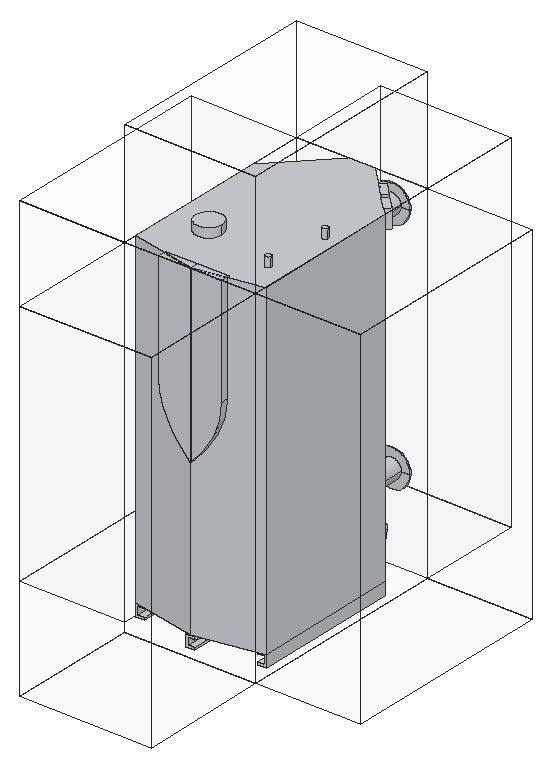
Revit family "Crest Boiler FBD0751-2001", category Mechanical Equipment, Revit 2015
Parameters (values of type "FBD0751")
  Width to Gas 2 = 25 1/4"
  Water Conn Radius = 1 1/2"
  WATER CONN SIZE = Water Conn Radius * 2  # 3"
  VENT SIZE = Vent Radius * 2  # 6"
  SES BIM Studio # = "17 0649 03"
  L_Water Outlet Height = 66 1/8"
  Gas 2 Conn Radius = 5/8"
  Gas 2 Conn Height = 9 3/8"
  GAS 2 CONN SIZE = Gas 2 Conn Radius * 2  # 1 1/4"
  GAS 1 CONN SIZE = Gas 1 Conn Radius * 2  # 1 1/4"
  E_Air Intake Offset = 8 3/4"
  Vent Radius = 3"
  H_ Vent Offset = 5 1/8"
  Top Clearance = 24"
  Right Clearance = 24"
  Left Clearance = 24"
  Front Clearance = 30"
  Drain Offset = 57"
  A_WIDTH = 30"
  Voltage/Heater = "120/1PH"
  Voltage/Control = "24"
  URL = ""
  Total Amps = "5"
  Model = MODEL NO.  # "FBD0751"
  Manufacturer = "Lochinvar"
  MODEL NO. = "FBD0751"
  HEIGHT = 78"
  Gas 1 Conn Radius = 5/8"
  G_Width to Gas 1 = 26 3/4"
  C_Depth to Vent = 51"
  F_Gas 1 Conn Height = 23 3/4"
  GALLON CAPACITY = "73"
  Drain Depth = 4"
  Depth = C_Depth to Vent - 2"  # 49"
  J_Water Conn Offset = 57 5/8"
  K_Water Inlet Height = 11 7/8"
  INPUT RATE (BTUH) = "750,000"
  FUEL TYPE = "NATURAL/PROPANE GAS"
  Description = "CREST Duel Fuel Boiler"
  Fuel Type = "Natural or LP"
  D_Air Inlet Offset = 13"
  Air Intake Radius = 3"
  Back Clearance = 24"
  AIR INTAKE SIZE = Air Intake Radius * 2  # 6"
  # of Electrical Connections = "1"
Types (7): name | Width to Gas 2 | Water Conn Radius | WATER CONN SIZE | VENT SIZE | SES BIM Studio # | L_Water Outlet Height | Gas 2 Conn Radius | Gas 2 Conn Height | GAS 2 CONN SIZE | GAS 1 CONN SIZE | E_Air Intake Offset | Vent Radius | H_ Vent Offset | Drain Offset | Total Amps | Model | MODEL NO. | Gas 1 Conn Radius | G_Width to Gas 1 | C_Depth to Vent | F_Gas 1 Conn Height | GALLON CAPACITY | Depth | J_Water Conn Offset | K_Water Inlet Height | INPUT RATE (BTUH) | D_Air Inlet Offset | Air Intake Radius | AIR INTAKE SIZE
  (no name) | 25 1/4" | 1 1/2" | 3" | 6" | "17 0649 03" | 66 1/8" | 5/8" | 9 3/8" | 1 1/4" | 1 1/4" | 8 3/4" | 3" | 5 1/8" | 57" | "5" | "FBD0751" | "FBD0751" | 5/8" | 26 3/4" | 51" | 23 3/4" | "73" | 49" | 57 5/8" | 11 7/8" | "750,000" | 13" | 3" | 6"
  FBD0751 | 25 1/4" | 1 1/2" | 3" | 6" | "17 0649 03" | 66 1/8" | 5/8" | 9 3/8" | 1 1/4" | 1 1/4" | 8 3/4" | 3" | 5 1/8" | 57" | "5" | "FBD0751" | "FBD0751" | 5/8" | 26 3/4" | 51" | 23 3/4" | "73" | 49" | 57 5/8" | 11 7/8" | "750,000" | 13" | 3" | 6"
  FBD1001 | 16 1/2" | 1 1/2" | 3" | 6" | "2017 0649 03" | 66 1/8" | 5/8" | 4 3/4" | 1 1/4" | 1 1/4" | 8 3/4" | 3" | 5 1/8" | 56 1/4" | "6" | "FBD1001" | "FBD1001" | 5/8" | 26 3/4" | 51" | 23 1/8" | "77" | 49" | 57 5/8" | 11 7/8" | "1,000,000" | 13" | 3" | 6"
  FBD1251 | 15 3/4" | 1 1/2" | 3" | 8" | "17 0649 03" | 66 1/8" | 5/8" | 3" | 1 1/4" | 1 1/4" | 8 3/4" | 4" | 6 1/2" | 61 7/8" | "7" | "FBD1251" | "FBD1251" | 5/8" | 26 3/4" | 51 3/8" | 21 5/8" | "87" | 49 3/8" | 57 3/4" | 11 7/8" | "1,250,000" | 13" | 3" | 6"
  FBD1501 | 25 1/4" | 2" | 4" | 8" | "17 0649 03" | 65 3/8" | 3/4" | 6 1/2" | 1 1/2" | 1 1/2" | 9" | 4" | 5 1/8" | 61 7/8" | "10" | "FBD1501" | "FBD1501" | 3/4" | 26 7/8" | 62 3/8" | 27 7/8" | "94" | 60 3/8" | 68" | 12 3/8" | "1,500,000" | 15 7/8" | 4" | 8"
  FBD1751 | 25 1/4" | 2" | 4" | 8" | "17 0649 03" | 65 3/8" | 3/4" | 5 3/4" | 1 1/2" | 1 1/2" | 9" | 4" | 5 1/8" | 61 7/8" | "10" | "FBD1751" | "FBD1751" | 3/4" | 27" | 61 1/2" | 27 1/8" | "106" | 59 1/2" | 68" | 12 3/8" | "1,750,000" | 15 7/8" | 4" | 8"
  FBD2001 | 25 1/4" | 2" | 4" | 8" | "17 0649 03" | 65 3/8" | 3/4" | 7 7/8" | 1 1/2" | 1 1/2" | 9" | 4" | 5 1/8" | 61 7/8" | "13" | "FBD2001" | "FBD2001" | 3/4" | 27" | 61 1/2" | 26 3/4" | "111" | 59 1/2" | 68" | 12 3/8" | "2,000,000" | 15 7/8" | 4" | 8"
Reference planes (in)
  plane 1 "Center (Front/Back)": y = 11.125
  plane 2: z = 0
  plane 3 "Center (Left/Right)": x = -1.39218
  plane 4 "Back": y = 35.875
  plane 5 "Front": y = -13.125
  plane 6 "Top": z = 78
  plane 7 "Right": x = 13.60782
  plane 8 "Left": x = -16.39218
  plane 9 "Vent Conn Height": z = 12.5
  plane 10 "Offset from Back": y = 23.75
  plane 11 "Water Outlet Height": z = 66.125
  plane 12 "Water Inlet Height": z = 11.875
  plane 13 "Offset from Left to Air Inlet": x = -7.64218
  plane 14 "Offset from Front to Air": y = -0.125
  plane 15 "Offset from Left to Gas 1": x = 10.35782
  plane 16 "Offset from Front to Gas 1": y = 10.625
  plane 17: z = 76
  plane 18 "Right Clearance": x = 37.60782
  plane 19 "Left Clearance": x = -40.39218
  plane 20: z = 102
  plane 21 "Front Clearance": y = -43.125
  plane 22 "Back Clearance": y = 59.875
  plane 23: x = -1.39218
  plane 24 "Drain": z = 11.375
  plane 25: y = -11.125
  plane 26 "water inlet": y = 44.5
  plane 27 "water outlet": y = 44.5
  plane 28 "Vent C/L": y = 37.875
  plane 29 "Vent CL": x = -11.26718
  plane 30: z = 2.75
  plane 31 "Offset from Front to Gas 2": y = -3.75
  plane 32 "Offset from Left to Gas 2": x = 8.85782
Forms (in)
  Extrusion 1, solid
    sketch origin (-36.87513, -180, 12.5) x (-1, 0, 0) y (0, -1, 0)
      loop
        line (-20.48295, -166.875) -> (-50.48295, -166.875) -> (-50.48295, -203.75277) -> (-38.48571, -215.875) -> (-32.48018, -215.875) -> (-20.48295, -203.75277) -> (-20.48295, -166.875)
    from 65.5 to -9.75
  Extrusion 2, solid
    sketch origin (4.53356, 32.82703, -3.5) x (0.707107, -0.707107, 0) y (0, 0, -1)
      loop
        circle (3.0625, -10.03632) r 0.5
    from 0 to 1.125
  Extrusion 3, solid
    sketch origin (0, 0, 78) x (-1, 0, 0) y (0, -1, 0)
      loop
        circle (7.64218, 0.125) r 3
    from 0 to 2
  Extrusion 4, solid
    sketch origin (0, 0, 78) x (-1, 0, 0) y (0, -1, 0)
      loop
        circle (-10.35782, -10.625) r 0.625
    from 0 to 2
  Extrusion 5, solid, material "Clearance"
    sketch origin (0, 0, 78) x (-1, 0, 0) y (0, -1, 0)
      loop
        line (16.39218, 13.125) -> (16.39218, -35.875) -> (40.39218, -35.875) -> (40.39218, 13.125) -> (16.39218, 13.125)
    from 0 to -78
  Extrusion 6, solid, material "Clearance"
    sketch origin (0, 0, 78) x (-1, 0, 0) y (0, -1, 0)
      loop
        line (-13.60782, 13.125) -> (-37.60782, 13.125) -> (-37.60782, -35.875) -> (-13.60782, -35.875) -> (-13.60782, 13.125)
    from 0 to -80
  Extrusion 7, solid, material "Clearance"
    sketch origin (0, 0, 78) x (-1, 0, 0) y (0, -1, 0)
      loop
        line (16.39218, -35.875) -> (-13.60782, -35.875) -> (-13.60782, -59.875) -> (16.39218, -59.875) -> (16.39218, -35.875)
    from 0 to -80
  Extrusion 8, solid, material "Clearance"
    sketch origin (0, 0, 78) x (-1, 0, 0) y (0, -1, 0)
      loop
        line (16.39218, -35.875) -> (16.39218, 13.125) -> (-13.60782, 13.125) -> (-13.60782, -35.875) -> (16.39218, -35.875)
    from 0 to 24
  Extrusion 9, solid, material "Clearance"
    sketch origin (0, 0, 78) x (-1, 0, 0) y (0, -1, 0)
      loop
        line (16.39218, 13.125) -> (16.39218, 43.125) -> (-13.60782, 43.125) -> (-13.60782, 13.125) -> (16.39218, 13.125)
    from 0 to -80
  Extrusion 10, void
    sketch origin (0, 0, 78) x (-1, 0, 0) y (0, -1, 0)
      loop
        line (16.39218, 13.125) -> (1.39218, 13.125) -> (16.39218, 10.125) -> (16.39218, 13.125)
    from 0 to -80
  Extrusion 11, void
    sketch origin (-2.78436, 0, 78) x (1, 0, 0) y (0, 1, 0)
      loop
        line (16.39218, -13.125) -> (16.39218, -10.125) -> (1.39218, -13.125) -> (16.39218, -13.125)
    from 0 to -80
  Extrusion 12, solid
    sketch origin (0, 11.125, 0) x (1, 0, 0) y (0, 0, 1)
      loop
        line (-8.57968, 78) -> (-8.57968, 53)
        spline (-8.57968, 53) -> (-8.51975, 51.66799) -> (-8.34361, 50.34316) -> (-8.05672, 49.02854) -> (-7.66454, 47.72717) -> (-7.17253, 46.44205) -> (-6.58616, 45.17623) -> (-5.91088, 43.93272) -> (-5.15217, 42.71455) -> (-4.31548, 41.52475) -> (-3.40628, 40.36634) -> (-2.43002, 39.24235) -> (-1.39218, 38.1558)
        spline (-1.39218, 38.1558) -> (-0.35434, 39.24235) -> (0.62192, 40.36634) -> (1.53112, 41.52475) -> (2.36781, 42.71455) -> (3.12652, 43.93272) -> (3.8018, 45.17623) -> (4.38817, 46.44205) -> (4.88018, 47.72717) -> (5.27236, 49.02854) -> (5.55925, 50.34316) -> (5.73539, 51.66799) -> (5.79532, 53)
        line (5.79532, 53) -> (5.79532, 78) -> (-1.39218, 78) -> (-8.57968, 78)
    from 22.25 to 24.25
  Revolve 13, solid
    sketch origin (25.40384, 0, 66.125) x (1, 0, 0) y (0, 1, 0)
      loop
        line (-28.79602, 35.875) -> (-28.79602, 44.5) -> (-31.04602, 44.5) -> (-31.04602, 44.25) -> (-29.04602, 44.25) -> (-29.04602, 35.875) -> (-28.79602, 35.875)
      axis (-26.79602, 44.5) -> (-26.79602, 35.875)
    angle from 0 to 360
  Revolve 14, solid
    sketch origin (53.08128, 0, 11.875) x (1, 0, 0) y (0, 1, 0)
      loop
        line (-56.47346, 35.875) -> (-56.47346, 44.5) -> (-58.72346, 44.5) -> (-58.72346, 44.25) -> (-56.72346, 44.25) -> (-56.72346, 35.875) -> (-56.47346, 35.875)
      axis (-54.47346, 44.5) -> (-54.47346, 35.875)
    angle from 0 to 360
  Revolve 15, solid
    sketch origin (0.83995, 7.98182, 11.375) x (-0.999376, 0.035334, 0) y (-0.035334, -0.999376, 0)
      loop
        line (-8.99468, -19.22195) -> (-9.54342, -18.71069) -> (-9.99617, -19.19663) -> (-9.44744, -19.70789) -> (-8.99468, -19.22195)
      axis (-8.99468, -19.22195) -> (-9.44744, -19.70789)
    angle from 0 to 360
  Extrusion 16, solid
    sketch origin (0.86453, 11.23809, 78) x (-0.998256, -0.059029, 0) y (0.059029, -0.998256, 0)
      loop
        line (-8.66017, -17.21027) -> (-9.73913, -18.15879) -> (-7.09813, -21.16297) -> (-6.01917, -20.21445) -> (-8.66017, -17.21027)
      loop
        line (-11.95192, -13.43805) -> (-13.02928, -14.39511) -> (-10.37275, -17.38557) -> (-9.29538, -16.4285) -> (-11.95192, -13.43805)
    from 0 to -4.33461
  Extrusion 17, solid
    sketch origin (0, 0, 0) x (1, 0, 0) y (0, 1, 0)
      loop
        circle (-11.26718, 37.875) r 3
    from 9 to 12.5
  Extrusion 18, solid
    sketch origin (0, -13.125, 0) x (1, 0, 0) y (0, 0, 1)
      loop
        line (13.60782, 2.75) -> (11.60782, 2.75) -> (11.60782, 2.25) -> (13.10782, 2.25) -> (13.10782, 0.5) -> (11.60782, 0.5) -> (11.60782, 0) -> (13.60782, 0) -> (13.60782, 2.75)
    from -3.03365 to -36.875
  Extrusion 19, solid
    sketch origin (-2.78436, -13.125, 0) x (-1, 0, 0) y (0, 0, -1)
      loop
        line (13.60782, -2.75) -> (13.60782, 0) -> (11.60782, 0) -> (11.60782, -0.5) -> (13.10782, -0.5) -> (13.10782, -2.25) -> (11.60782, -2.25) -> (11.60782, -2.75) -> (13.60782, -2.75)
    from -3.03365 to -36.875
  Extrusion 20, solid
    sketch origin (11.21564, -13.125, 0) x (-1, 0, 0) y (0, 0, -1)
      loop
        line (13.60782, -2.75) -> (13.60782, 0) -> (11.60782, 0) -> (11.60782, -0.5) -> (13.10782, -0.5) -> (13.10782, -2.25) -> (11.60782, -2.25) -> (11.60782, -2.75) -> (13.60782, -2.75)
    from 0 to -49
  Extrusion 21, solid
    sketch origin (0, 0, 0) x (1, 0, 0) y (0, 1, 0)
      loop
        line (-16.20413, 37.875) -> (-14.11754, 26.05111) -> (-4.64494, 35.875) -> (-8.22596, 41.76402)
        arc (-8.22596, 41.76402) -> (-13.43041, 42.31279) -> (-16.20413, 37.875) r 4.93695
    from 6 to 9
  Extrusion 22, solid
    sketch origin (-2, -14.42, 78) x (-1, 0, 0) y (0, -1, 0)
      loop
        circle (-10.85782, -10.67) r 0.625
    from 0 to 2
Cuts and joins
  Extrusion 10, Extrusion 11 cuts Extrusion 1
Dimensions and locks (in)
  "HEIGHT": plane 6 "Top" to level
  equal spacing: plane 8 "Left", plane 3 "Center (Left/Right)", plane 7 "Right"
  "A_WIDTH": plane 8 "Left" to plane 7 "Right"
  equal spacing: Extrusion 1 sketch curve, plane 3 "Center (Left/Right)", Extrusion 1 sketch curve, locked at 3.00277 each
  Extrusion 1 sketch curve to Extrusion 1 sketch curve = 6.00553"
  locked: Extrusion 4 to plane 6 "Top" at 2
  "L_Water Outlet Height": level to plane 11 "Water Outlet Height"
  "K_Water Inlet Height": level to plane 12 "Water Inlet Height"
  "E_Air Intake Offset": plane 8 "Left" to plane 13 "Offset from Left to Air Inlet"
  "G_Width to Gas 1": plane 8 "Left" to plane 15 "Offset from Left to Gas 1"
  "F_Gas 1 Conn Height": plane 5 "Front" to plane 16 "Offset from Front to Gas 1"
  "D_Air Inlet Offset": plane 5 "Front" to plane 14 "Offset from Front to Air"
  level to plane 17 = 76"
  "Top Clearance": plane 6 "Top" to plane 20
  "Front Clearance": plane 21 "Front Clearance" to plane 5 "Front"
  "Left Clearance": plane 19 "Left Clearance" to plane 8 "Left"
  "Right Clearance": plane 7 "Right" to plane 18 "Right Clearance"
  Extrusion 12 sketch curve to plane 3 "Center (Left/Right)" to Extrusion 12 sketch curve = 7 3/16" locked, 7 3/16" locked
  locked: cut or joined group of Extrusion 1, Extrusion 10, Extrusion 11 to Extrusion 12 sketch curve at 25
  locked: plane 6 "Top" to Extrusion 12 sketch curve at 25
  "Depth": plane 5 "Front" to plane 4 "Back"
  "Back Clearance": plane 4 "Back" to plane 22 "Back Clearance"
  locked: Revolve 13 sketch curve to Revolve 13 sketch curve at 0.25  (x2)
  Revolve 13 sketch curve to Revolve 13 sketch curve = 2"
  locked: Revolve 13 sketch curve to Revolve 13 sketch curve at 2
  locked: Revolve 14 sketch curve to Revolve 14 sketch curve at 0.25  (x2)
  locked: Revolve 14 sketch curve to Revolve 14 sketch curve at 2  (x2)
  locked: plane 5 "Front" to plane 25 at 2
  Extrusion 16 sketch curve to cut or joined group of Extrusion 1, Extrusion 10, Extrusion 11 = 1.44321"
  Extrusion 16 sketch curve to Extrusion 16 sketch curve = 4"  (x2)
  Extrusion 16 sketch curve to Extrusion 16 sketch curve = 1.44107"
  "J_Water Conn Offset": plane 5 "Front" to plane 26 "water inlet"
  "C_Depth to Vent": plane 5 "Front" to plane 28 "Vent C/L"
  locked: Extrusion 5 to plane 9 "Vent Conn Height" at 12.5
  plane 2 to plane 24 "Drain" to plane 12 "Water Inlet Height" = 11 3/8" locked, 1/2"
  "H_ Vent Offset": plane 8 "Left" to plane 29 "Vent CL"
  "Width to Gas 2": plane 8 "Left" to plane 32 "Offset from Left to Gas 2"
  "Gas 2 Conn Height": plane 5 "Front" to plane 31 "Offset from Front to Gas 2"
  "Air Intake Radius": radius of Extrusion 3 sketch curve
  "Gas 1 Conn Radius": radius of Extrusion 4 sketch curve
  "Vent Radius": radius of Extrusion 17 sketch curve
  "Gas 2 Conn Radius": radius of Extrusion 22 sketch curve
  aligned and locked: plane 5 "Front" to Extrusion 1
  aligned and locked: plane 6 "Top" to Extrusion 1
  aligned and locked: Extrusion 4 to Extrusion 3
  aligned and locked: Extrusion 7 sketch curve to Extrusion 5  (x2)
  aligned and locked: Extrusion 7 sketch curve to plane 7 "Right"
  aligned and locked: Extrusion 8 sketch curve to Extrusion 7
  aligned and locked: Extrusion 8 sketch curve to Extrusion 5
  aligned and locked: Extrusion 8 sketch curve to Extrusion 6
  aligned and locked: Extrusion 9 sketch curve to Extrusion 5
  aligned and locked: plane 7 "Right" to Extrusion 9 sketch curve
  aligned and locked: plane 13 "Offset from Left to Air Inlet" to Extrusion 3 sketch curve
  aligned and locked: plane 14 "Offset from Front to Air" to Extrusion 3 sketch curve
  aligned and locked: plane 16 "Offset from Front to Gas 1" to Extrusion 4 sketch curve
  aligned and locked: plane 15 "Offset from Left to Gas 1" to Extrusion 4 sketch curve
  aligned and locked: Extrusion 9 to plane 21 "Front Clearance"
  aligned and locked: plane 19 "Left Clearance" to Extrusion 5
  aligned and locked: Extrusion 6 to plane 18 "Right Clearance"
  aligned and locked: plane 22 "Back Clearance" to Extrusion 7
  aligned and locked: plane 8 "Left" to Extrusion 10 sketch curve
  aligned and locked: Extrusion 10 sketch curve to plane 5 "Front"
  aligned and locked: plane 3 "Center (Left/Right)" to Extrusion 10 sketch curve
  aligned and locked: Extrusion 11 sketch curve to plane 7 "Right"
  aligned and locked: plane 5 "Front" to Extrusion 11 sketch curve
  aligned and locked: plane 3 "Center (Left/Right)" to Extrusion 11 sketch curve
  aligned and locked: plane 6 "Top" to Extrusion 12 sketch curve  (x2)
  aligned and locked: plane 3 "Center (Left/Right)" to plane 23
  aligned: plane 5 "Front" to Extrusion 12
  aligned and locked: Extrusion 9 to plane 5 "Front"
  aligned and locked: Extrusion 1 sketch curve to plane 5 "Front"
  aligned and locked: plane 5 "Front" to Extrusion 12
  aligned and locked: Extrusion 12 to plane 25
  aligned and locked: plane 26 "water inlet" to Revolve 14 sketch curve
  aligned and locked: plane 27 "water outlet" to Revolve 13 sketch curve
  aligned and locked: plane 27 "water outlet" to plane 26 "water inlet"
  aligned and locked: plane 9 "Vent Conn Height" to Extrusion 17
  aligned and locked: cut or joined group of Extrusion 1, Extrusion 10, Extrusion 11 to plane 4 "Back"
  aligned and locked: plane 4 "Back" to Revolve 13
  aligned and locked: plane 4 "Back" to Revolve 14
  aligned and locked: plane 10 "Offset from Back" to Extrusion 18
  aligned and locked: plane 10 "Offset from Back" to Extrusion 19
  aligned and locked: Extrusion 20 to plane 4 "Back"
  aligned and locked: plane 32 "Offset from Left to Gas 2" to Extrusion 22 sketch curve
  aligned and locked: plane 31 "Offset from Front to Gas 2" to Extrusion 22 sketch curve
Automatic sketch dimensions
  Extrusion 1 sketch curve to plane 7 "Right" = 0"
  plane 4 "Back" to Extrusion 1 sketch curve = 0"
  Extrusion 1 sketch curve to plane 8 "Left" = 0"
  plane 10 "Offset from Back" to Extrusion 1 sketch curve = 0.00277"  (x2)
  Extrusion 1 sketch curve to Extrusion 1 sketch curve = 0"
  plane 30 to Extrusion 2 sketch curve = 3.78632"
  plane 4 "Back" to Extrusion 5 sketch curve = 0"
  Extrusion 5 sketch curve to plane 8 "Left" = 0"
  Extrusion 5 sketch curve to plane 19 "Left Clearance" = 0"
  plane 5 "Front" to Extrusion 5 sketch curve = 0"
  plane 5 "Front" to Extrusion 6 sketch curve = 0"
  Extrusion 6 sketch curve to plane 18 "Right Clearance" = 0"
  plane 4 "Back" to Extrusion 6 sketch curve = 0"
  Extrusion 6 sketch curve to plane 7 "Right" = 0"
  Extrusion 7 sketch curve to plane 22 "Back Clearance" = 0"
  plane 5 "Front" to Extrusion 8 sketch curve = 0"
  plane 5 "Front" to Extrusion 9 sketch curve = 0"
  Extrusion 9 sketch curve to plane 21 "Front Clearance" = 0"
  Extrusion 10 sketch curve to plane 25 = 1"
  plane 25 to Extrusion 11 sketch curve = 1"
  Extrusion 12 sketch curve to plane 3 "Center (Left/Right)" = 0"  (x2)
  Extrusion 12 sketch curve to Extrusion 12 sketch curve = 14.8442"
  plane 4 "Back" to Revolve 13 sketch curve = 0"
  Revolve 13 sketch curve to plane 3 "Center (Left/Right)" = 0"
  plane 4 "Back" to Revolve 13 sketch curve = 0.54112"
  plane 10 "Offset from Back" to Revolve 13 sketch curve = 2.82197"
  plane 4 "Back" to Revolve 14 sketch curve = 0"
  Revolve 14 sketch curve to plane 3 "Center (Left/Right)" = 0"
  plane 4 "Back" to Revolve 14 sketch curve = 0.54112"
  plane 10 "Offset from Back" to Revolve 14 sketch curve = 2.82197"
  plane 7 "Right" to Extrusion 16 sketch curve = 0.58646"
  plane 10 "Offset from Back" to Extrusion 16 sketch curve = 2.62721"
  Extrusion 16 sketch curve to Extrusion 16 sketch curve = 1.07737"
  Extrusion 16 sketch curve to Extrusion 16 sketch curve = 0.63362"
  Extrusion 16 sketch curve to Extrusion 16 sketch curve = 0.63521"
  Extrusion 18 sketch curve to level = 0"
  Extrusion 18 sketch curve to plane 30 = 0"
  plane 7 "Right" to Extrusion 18 sketch curve = 0"
  plane 7 "Right" to Extrusion 18 sketch curve = 1/2"
  plane 15 "Offset from Left to Gas 1" to Extrusion 18 sketch curve = 1 1/4"  (x2)
  Extrusion 18 sketch curve to plane 30 = 1/2"
  level to Extrusion 18 sketch curve = 1/2"
  Extrusion 19 sketch curve to level = 0"
  Extrusion 19 sketch curve to plane 30 = 0"
  Extrusion 19 sketch curve to plane 8 "Left" = 0"
  Extrusion 19 sketch curve to plane 8 "Left" = 1/2"
  Extrusion 19 sketch curve to Extrusion 19 sketch curve = 1 1/2"  (x2)
  plane 30 to Extrusion 19 sketch curve = 1/2"
  Extrusion 19 sketch curve to level = 1/2"
  Extrusion 20 sketch curve to level = 0"
  Extrusion 20 sketch curve to plane 30 = 0"
  Extrusion 20 sketch curve to plane 3 "Center (Left/Right)" = 1"  (x2)
  plane 3 "Center (Left/Right)" to Extrusion 20 sketch curve = 1/2"
  Extrusion 20 sketch curve to Extrusion 20 sketch curve = 1/2"
  Extrusion 20 sketch curve to level = 1/2"
  plane 30 to Extrusion 20 sketch curve = 1/2"
  plane 28 "Vent C/L" to Extrusion 21 sketch curve = 0"
  Extrusion 21 sketch curve to plane 29 "Vent CL" = 0"
  plane 4 "Back" to Extrusion 21 sketch curve = 0"
  plane 8 "Left" to Extrusion 21 sketch curve = 2.27464"
  plane 8 "Left" to Extrusion 21 sketch curve = 0.18805"
  Extrusion 21 sketch curve to plane 13 "Offset from Left to Air Inlet" = 0.58378"
  plane 13 "Offset from Left to Air Inlet" to Extrusion 21 sketch curve = 2.99723"
  plane 10 "Offset from Back" to Extrusion 21 sketch curve = 2.30111"
  plane 15 "Offset from Left to Gas 1" to Revolve 15 sketch curve = 1.15037"
  plane 10 "Offset from Back" to Revolve 15 sketch curve = 3.06326"
  Revolve 15 sketch curve to Revolve 15 sketch curve = 0.45276"
  Revolve 15 sketch curve to Revolve 15 sketch curve = 0.54874"
  Revolve 15 sketch curve to Revolve 15 sketch curve = 0.02531"
  Revolve 15 sketch curve to Revolve 15 sketch curve = 0"  (x2)
  Revolve 15 sketch curve to Revolve 15 sketch curve = 0.04986"
  Revolve 15 sketch curve to Revolve 15 sketch curve = 0.05351"
  plane 28 "Vent C/L" to Extrusion 17 sketch curve = 0"
  Extrusion 17 sketch curve to plane 29 "Vent CL" = 0"
  radius of Extrusion 2 sketch curve = 1/2"
Connectors (in)
  hvac at (-7.64218, -0.125, 80), driven by "Air Intake Radius"
    settings: on Extrusion 3, index 1, duct flow 0 CFM, flow factor 0, pres drop 0.00 in-wg, loss coef 0, conn angle 0.00°, conn width 12", conn height 12", conn diameter 6", duct sys type 1, conn prof type 0, flow config 0, flow direction 1, loss method 0, conn ref index -1, conn util no, is conn primary yes, conn desc "Air Inlet"
  piping at (10.35782, 10.625, 80), diameter 1.25, driven by "Gas 1 Conn Radius"
    settings: on Extrusion 4, index 5, connector inside diameter 1 1/4", connector length 0", flow factor 0, pipe flow 0 GPM, pressure drop 0.00 psi, fitting loss kfactor 0, connector angle 0.00°, fixture units 0, engagement length 0", angle of deflection 0.00°, flow configuration 1, flow direction 1, fitting loss method 0, system type 22, joint type 0, gender type 0, connector reference index -1, connector utility 0, adjustable connector no, is connector primary yes, connector description "Gas 1 Conn"
  piping at (7.49457, 31.45701, 6.53632), diameter 1
    settings: on Extrusion 2, index 6, connector inside diameter 1", connector length 0", flow factor 0, pipe flow 0 GPM, pressure drop 0.00 psi, fitting loss kfactor 0, connector angle 0.00°, fixture units 0, engagement length 0", angle of deflection 0.00°, flow configuration 0, flow direction 2, fitting loss method 0, system type 16, joint type 0, gender type 0, connector reference index -1, connector utility 0, adjustable connector no, is connector primary no, connector description "Condensate Drain"
  piping at (-1.39218, 44.5, 66.125), diameter 3, driven by "Water Conn Radius"
    settings: on Revolve 13, index 10, connector inside diameter 3", connector length 0", flow factor 0, pipe flow 0 GPM, pressure drop 0.00 psi, fitting loss kfactor 0, connector angle 0.00°, fixture units 0, engagement length 0", angle of deflection 0.00°, flow configuration 0, flow direction 2, fitting loss method 0, system type 7, joint type 0, gender type 0, connector reference index -1, connector utility 0, adjustable connector no, is connector primary no, connector description "Water Outlet"
  piping at (-1.39218, 44.5, 11.875), diameter 3, driven by "Water Conn Radius"
    settings: on Revolve 14, index 11, connector inside diameter 3", connector length 0", flow factor 0, pipe flow 0 GPM, pressure drop 0.00 psi, fitting loss kfactor 0, connector angle 0.00°, fixture units 0, engagement length 0", angle of deflection 0.00°, flow configuration 0, flow direction 1, fitting loss method 0, system type 8, joint type 0, gender type 0, connector reference index -1, connector utility 0, adjustable connector no, is connector primary no, connector description "Water Inlet"
  piping at (10.97786, 27.34359, 11.375), diameter 1.5
    settings: on Revolve 15, index 14, connector inside diameter 3/4", connector length 0", flow factor 0, pipe flow 0 GPM, pressure drop 0.00 psi, fitting loss kfactor 0, connector angle 0.00°, fixture units 0, engagement length 0", angle of deflection 0.00°, flow configuration 0, flow direction 2, fitting loss method 0, system type 16, joint type 0, gender type 0, connector reference index -1, connector utility 0, adjustable connector no, is connector primary no, connector description "Drain"
  electrical at (11.60715, 27.79142, 75.83269)
    settings: on Extrusion 16, index 15, voltage 0 V, apparent load 0 VA, apparent load phase1 0 VA, apparent load phase2 0 VA, apparent load phase3 0 VA, power factor 1, load classification "Other", number of poles 1, system type 31, power factor state 1, is connector primary yes, connector utility no, sub classification motor no, connector description "Line Voltage"
  electrical at (8.10792, 31.36163, 75.83269)
    settings: on Extrusion 16, index 16, voltage 0 V, apparent load 0 VA, apparent load phase1 0 VA, apparent load phase2 0 VA, apparent load phase3 0 VA, power factor 1, load classification "Other", number of poles 1, system type 13, power factor state 1, is connector primary no, connector utility no, sub classification motor no, connector description "Low Voltage"
  hvac at (-11.26718, 37.875, 12.5), driven by "Vent Radius"
    settings: on Extrusion 17, index 17, duct flow 0 CFM, flow factor 0, pres drop 0.00 in-wg, loss coef 0, conn angle 0.00°, conn width 12", conn height 12", conn diameter 6", duct sys type 3, conn prof type 0, flow config 0, flow direction 2, loss method 0, conn ref index -1, conn util no, is conn primary no, conn desc "Vent"
  piping at (8.85782, -3.75, 80), diameter 1.25, driven by "Gas 2 Conn Radius"
    settings: on Extrusion 22, index 18, connector inside diameter 1 1/4", connector length 0", flow factor 0, pipe flow 0 GPM, pressure drop 0.00 psi, fitting loss kfactor 0, connector angle 0.00°, fixture units 0, engagement length 0", angle of deflection 0.00°, flow configuration 1, flow direction 1, fitting loss method 0, system type 22, joint type 0, gender type 0, connector reference index -1, connector utility 0, adjustable connector no, is connector primary no, connector description "Gas 2 Conn"
